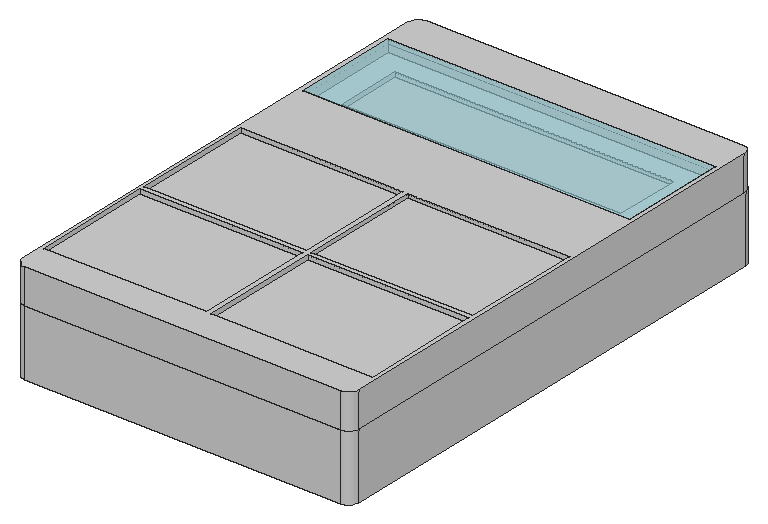
Revit family "Building-QuadriIEC309-GEWISS-68QDIN-QUADRI-PRESE-14MOD_4PRESE_IB_ORIZ", category Apparecchi elettrici, host Superficie, Revit 2019
Family settings
  Host = Superficie
  Mantenere orientamento annotazione = Sì
  Quota connettore circolare = Usa diametro
  Tipo di parte = Normale
  Taglio con vuoti quando caricato = No
  Condiviso = No
  Punto di calcolo locali = Sì
Parameters (values of type "GW68009N - Q-DIN 14M 4FLANGE PR.BL.OR.SBF IP65")
  visibilita posizionamento 2d [instance] = yes
  simbolo 2d [instance] = yes
  oggetto in pianta [instance] = not(visibilita posizionamento 2d)  # no
  distanza_simbolo [instance] = 0.1 mm
  bordo acceso [instance] = yes
  Visibilità sportello [instance] = yes
  Versione file RFA = "21.5"
  VETRO = Vetro
  URL = "https://www.gewiss.com/it/it"
  Tipologia di installazione = "Da parete"
  Tipo versione = "Vuoto"
  Termopressione con biglia = "70 °C"
  Temperatura di utilizzo = "-25 +40 °C"
  Temperatura di funzionamento = "-25 ÷ +40 °C"
  Spostamento_effettivo_S [instance] = 4000 mm - Spostamento_S  # 3000 mm
  Spostamento_S = 1000 mm
  Simbolo_quadro [instance] = not(simbolo 2d)  # no
  Scheda Tecnica = "https://www.gewiss.com/it/it/search?q=GW68009N"
  STRUTTURA ALTA = Poche
  STRUTTURA = RAL - 7035
  SEO = "Quadretto"
  Resistenza agli urti = "IK08"
  Default Elevation = 1219.2 mm
  Produttore = "GEWISS S.p.A."
  Potenza dissipabile B (W) = "64"
  Potenza dissipabile A (W) = "24"
  PRESA = rosso
  POMELLO = bianco
  N_Moduli = 14 mm
  N. prese alloggiabili = "4 IB Orizz. 16/32 A SBF IP44"
  N. prese IB alloggiabili: = "4 IB Orizz. 16/32 A SBF IP44"
  N. mod. EN 50022 = "14"
  N. flange in dotazione = "2 IB 16/32 A"
  N. coperchi ciechi in dotazione = "2 IB 16/32 A"
  N. IEC 309/IB alloggiabili = "4 IB Orizz. 16/32 A SBF IP44"
  Modello = "GW68009N"
  L_Moduli = N_Moduli * 19  # 266 mm
  Immagine tipo = GW68009N.jpg
  IDT = "99915e0d-742e-4288-be31-3e8f2e4a73df"
  IDF = "14bb87c4-b455-42ea-803a-ce3560bfe06d"
  Grado di protezione = "IP65"
  Glow Wire Test = "650°C"
  Descrizione = "Q-DIN 14M 4FLANGE PR.BL.OR.SBF IP65"
  Creato da GEWISS S.p.A. = ""
  ConformitÃ  normativa = "EN 60208 - EN 60670-1 - IEC 60670-24"
  Colore = "Grigio RAL 7035"
  Codice Electrocod = "2242"
  Codice EAN = "8011564744806"
  Classe isolamento = "II"
  Catalogo Serie = "68 QDIN"
  Catalogo = "BUILDING"
  COBie.Tagnumber = ""
  COBie.CreatedOn = ""
  COBie.CreatebBy = ""
  COBie.ComponentRegisterItemID = ""
  COBie.Component.TagNumber = ""
  COBie.Component.Space = ""
  COBie.Component.SerialNumber = ""
  COBie.Component.InstallationDate = ""
  COBie.Component.Description = ""
  COBie.Component.BarCode = ""
Reference planes
  plane 1 "Centro (Fronte/Retro)": y = 0
  plane 2: z = 0
  plane 3 "Centro (Sinistra/Destra)": x = 0
  plane 4: x = -3000
  plane 5: x = 0
Forms (mm)
  Extrusion 1, solid, detail levels coarse
    sketch origin (0, 0, 0) x (1, 0, 0) y (0, 1, 0)
      loop
        line (-160, 0) -> (160, 0) -> (160, 478) -> (-160, 478) -> (-160, 0)
    from 0 to 96
Lines and regions (mm)
  Masking region 1, visible <- "visibilita posizionamento 2d"
    outline origin (0, 0, 0) x (1, 0, 0) y (0, 0, 1)
      loop
        line (-160, 0) -> (160, 0) -> (160, 96) -> (-160, 96) -> (-160, 0)
Dimensions and locks
  plane 4 to plane 3 "Centro (Sinistra/Destra)" = 3000 mm
  "Spostamento_effettivo_S": plane 4 to plane 5
  aligned and locked: plane 2 to host face
  aligned and locked: level to host face
  aligned and locked: nested 1 to plane 5
  aligned and locked: nested 3 to plane 5
  aligned and locked: nested 2 to plane 5
  aligned and locked: plane 1 "Centro (Fronte/Retro)" to nested 2
  aligned and locked: Extrusion 1 sketch curve to nested 2  (x4)
  aligned and locked: Extrusion 1 to nested 2
Automatic sketch dimensions
  host sketch curve to host sketch curve = 2438.4 mm  (x2)
  Masking region 1 sketch curve to level = 0 mm
  Masking region 1 sketch curve to plane 3 "Centro (Sinistra/Destra)" = 160 mm
  plane 3 "Centro (Sinistra/Destra)" to Masking region 1 sketch curve = 160 mm
  Masking region 1 sketch curve to Masking region 1 sketch curve = 96 mm
Nested families
  nested 1: "CENTRALINO" at (0, 737.795, 0), BORDO ACCESO <- "bordo acceso", SIMBOLO ACCESO <- "simbolo 2d", Distanza dal muro <- "distanza_simbolo", visible <- "simbolo 2d", type "CENTRALINO"
    with SIMBOLO ACCESO yes, Distanza dal muro 0.1 mm, BORDO ACCESO yes
  nested 2: "68QDIN14 QUADRO DISTRIBUZ X 4 PRESE IND ORIZ_BASE" at (0, 316, 0), Visibilita sportello <- "Visibilità sportello", type "68QDIN14 QUADRO DISTRIBUZ X 4 PRESE IND ORIZ_BASE", detail levels medium+fine
  nested 3: "simb_CENTRALINO_BASE_cad pro" at (0, 737.795, 0), Distanza dal muro <- "distanza_simbolo", visible <- "Simbolo_quadro", SIMBOLO ACCESO <- "Simbolo_quadro", type "simb_CENTRALINO_BASE_cad pro"
    with SIMBOLO ACCESO no, Distanza dal muro 0.1 mm, BORDO ACCESO yes
Definition of nested family "68QDIN14 QUADRO DISTRIBUZ X 4 PRESE IND ORIZ_BASE"
  Parameters (values of type "68QDIN14 QUADRO DISTRIBUZ X 4 PRESE IND ORIZ_BASE")
    n_moduli = 105 mm
    h_moduli = 64 mm
    Visibilita sportello [instance] = yes
    Vetro = none
    Struttura = none
    Spessore = 96 mm
    Default Elevation = 14 mm
    Presa = none
    Larghezza = 320 mm
    IFC.TypeObject = ""
    IFC.ExportType = ""
    IFC.ExportAs = ""
    H_da terra = 589.057 mm
    COBie.CreatedOn = ""
    COBie.CreatebBy = ""
    COBie.ComponentRegisterItemID = ""
    COBie.Component.TagNumber = ""
    COBie.Component.Space = ""
    COBie.Component.SerialNumber = ""
    COBie.Component.InstallationDate = ""
    COBie.Component.Description = ""
    COBie.Component.BarCode = ""
    Altezza scatole = 350 mm
    Altezza quadro = 150 mm
    Altezza = 258 mm
  Reference planes
    plane 1 "Centro (Fronte/Retro)": y = 0
    plane 2: z = 0
    plane 3 "Centro (Sinistra/Destra)": x = 0
    plane 4: z = 69.589
    plane 5: z = 115.626
    plane 6: z = 63
    plane 7: x = -160
    plane 8: x = 160
    plane 9: x = -156
    plane 10: x = 156
    plane 11: y = 123.21
    plane 12: y = 21.246
    plane 13: y = 0
    plane 14: y = -166
    plane 15: y = -51
    plane 16: y = -316
    plane 17: y = 162
    plane 18: z = 58
    plane 19: y = 103
    plane 20: y = 39
    plane 21: x = -52.5
    plane 22: x = 52.5
    plane 23: z = 92.059
    plane 24: z = 96
    plane 25 "posizionamento moduli": z = 84.734
    plane 26: z = 80.558
    plane 27: y = 71
    plane 28: x = -157.25
    plane 29: x = 158.1
    plane 30: x = -2.25
    plane 31: x = 156
    plane 32: y = -170.115
    plane 33: x = 2
  Forms (mm)
    Extrusion 1, solid, material <- "Struttura"
      sketch origin (0, -857.311, 0) x (1, 0, 0) y (0, 1, 0)
        loop
          arc (-150, 1019.311) -> (-157.071, 1016.382) -> (-160, 1009.311) r 10
          line (-160, 1009.311) -> (-160, 551.311)
          arc (-160, 551.311) -> (-157.071, 544.24) -> (-150, 541.311) r 10
          line (-150, 541.311) -> (150, 541.311)
          arc (150, 541.311) -> (157.071, 544.24) -> (160, 551.311) r 10
          line (160, 551.311) -> (160, 1009.311)
          arc (160, 1009.311) -> (157.071, 1016.382) -> (150, 1019.311) r 10
          line (150, 1019.311) -> (-150, 1019.311)
      from 63 to 96
    Extrusion 2, solid, material <- "Struttura"
      sketch origin (0, -857.311, 0) x (1, 0, 0) y (0, 1, 0)
        loop
          line (152.45, 1019.311) -> (-156.38, 1019.311)
          arc (-156.38, 1019.311) -> (-158.94, 1018.251) -> (-160, 1015.691) r 3.62
          line (-160, 1015.691) -> (-160, 551.311)
          arc (-160, 551.311) -> (-157.071, 544.24) -> (-150, 541.311) r 10
          line (-150, 541.311) -> (150, 541.311)
          arc (150, 541.311) -> (157.071, 544.24) -> (160, 551.311) r 10
          line (160, 551.311) -> (160, 1011.76)
          arc (160, 1011.76) -> (157.789, 1017.099) -> (152.45, 1019.311) r 7.55
      from 0 to 63
    Extrusion 3, void
      sketch origin (0, -857.311, 0) x (1, 0, 0) y (0, 1, 0)
        loop
          line (-156, 980.52) -> (-156, 878.557) -> (156, 878.557) -> (156, 980.52) -> (-156, 980.52)
      from 69.589 to 96
    Extrusion 4, solid, material <- "Vetro", visible <- "Visibilita sportello", detail levels fine
      sketch origin (0, -857.311, 0) x (1, 0, 0) y (0, 1, 0)
        loop
          line (-156, 980.52) -> (-156, 878.557) -> (156, 878.557) -> (156, 980.52) -> (-156, 980.52)
      from 92.059 to 96
    Extrusion 5, void
      sketch origin (0, 0, 0) x (1, 0, 0) y (0, 1, 0)
        loop
          line (-52.5, 39) -> (52.5, 39) -> (52.5, 103) -> (-52.5, 103) -> (-52.5, 39)
      from 80.558 to 84.734
    Extrusion 6, solid
      sketch origin (0, 0, 0) x (1, 0, 0) y (0, 1, 0)
        loop
          line (-156, 123.21) -> (-156, 21.246) -> (156, 21.246) -> (156, 123.21) -> (-156, 123.21)
      from 80.558 to 84.734
    Extrusion 7, void
      sketch origin (0, 0, 84.734) x (0, -1, 0) y (1, 0, 0)
        loop
          line (51, -157.25) -> (166, -157.25) -> (166, -2.25) -> (51, -2.25) -> (51, -157.25)
        loop
          line (51, 2) -> (166, 2) -> (166, 156) -> (51, 156) -> (51, 2)
      from 7.325 to 11.266
    Extrusion 8, void
      sketch origin (0, -119.115, 84.734) x (0, -1, 0) y (1, 0, 0)
        loop
          line (51, -157.25) -> (166, -157.25) -> (166, -2.25) -> (51, -2.25) -> (51, -157.25)
        loop
          line (51, 2) -> (166, 2) -> (166, 156) -> (51, 156) -> (51, 2)
      from 7.325 to 11.266
  Cuts and joins
    Extrusion 3, Extrusion 7, Extrusion 8 cuts Extrusion 1
    Extrusion 5 cuts Extrusion 6
    Extrusion 5 cuts Extrusion 4
  Lines and regions (mm)
    model lines
      curve 1: line (-52.5, 71, 84.734) -> (52.5, 71, 84.734)
  Dimensions and locks
    plane 4 to plane 5 = 46.036 mm
    locked: plane 7 to plane 9 at 4
    locked: plane 10 to plane 8 at 4
    equal spacing: plane 7, plane 3 "Centro (Sinistra/Destra)", plane 8
    "Larghezza": plane 7 to plane 8
    plane 13 to plane 15 = 51 mm
    plane 1 "Centro (Fronte/Retro)" to plane 17 = 162 mm
    plane 16 to plane 13 = 316 mm
    plane 12 to plane 1 "Centro (Fronte/Retro)" = 21.246 mm
    plane 11 to plane 17 = 38.79 mm
    locked: plane 6 to plane 18 at 5
    locked: plane 17 to plane 19 at 59
    "h_moduli": plane 19 to plane 20
    equal spacing: plane 21, plane 3 "Centro (Sinistra/Destra)", plane 22
    "n_moduli": plane 21 to plane 22
    locked: plane 24 to plane 23 at 3.941
    plane 6 to plane 2 = 63 mm
    locked: plane 23 to plane 25 "posizionamento moduli" at 7.325
    locked: plane 25 "posizionamento moduli" to plane 26 at 4.176
    equal spacing: plane 19, plane 27, plane 20
    locked: plane 29 to plane 8 at 1.9
    plane 28 to plane 30 = 155 mm  (x2)
    plane 15 to plane 14 = 115 mm
    locked: plane 14 to plane 32 at 4.115
    locked: plane 3 "Centro (Sinistra/Destra)" to plane 33 at 2
    radius of Extrusion 2 sketch curve = 10 mm  (x2)
    radius of Extrusion 2 sketch curve = 3.62 mm
    radius of Extrusion 2 sketch curve = 7.55 mm
    radius of Extrusion 1 sketch curve = 10 mm  (x4)
    aligned and locked: level to plane 2
    aligned and locked: cut or joined group of Extrusion 1, Extrusion 3, Extrusion 7, Extrusion 8 to plane 4
    aligned and locked: plane 7 to Extrusion 2 sketch curve
    aligned and locked: plane 8 to Extrusion 2 sketch curve
    aligned and locked: plane 8 to Extrusion 1 sketch curve
    aligned and locked: plane 7 to Extrusion 1 sketch curve
    aligned and locked: Extrusion 4 sketch curve to plane 9
    aligned and locked: Extrusion 4 sketch curve to plane 10
    aligned and locked: Extrusion 3 sketch curve to plane 9
    aligned and locked: Extrusion 3 sketch curve to plane 10
    aligned and locked: Extrusion 4 sketch curve to plane 11
    aligned and locked: Extrusion 4 sketch curve to plane 12
    aligned and locked: Extrusion 3 sketch curve to plane 11
    aligned and locked: Extrusion 3 sketch curve to plane 12
    aligned and locked: plane 16 to Extrusion 2 sketch curve
    aligned and locked: plane 1 "Centro (Fronte/Retro)" to plane 13
    aligned and locked: plane 17 to Extrusion 1 sketch curve
    aligned and locked: Extrusion 5 sketch curve to plane 21
    aligned and locked: Extrusion 5 sketch curve to plane 19
    aligned and locked: Extrusion 5 sketch curve to plane 20
    aligned and locked: Extrusion 5 sketch curve to plane 22
    aligned and locked: plane 25 "posizionamento moduli" to Extrusion 5
    aligned and locked: Extrusion 5 to plane 26
    aligned and locked: Extrusion 6 sketch curve to plane 11
    aligned and locked: Extrusion 6 sketch curve to plane 12
    aligned and locked: Extrusion 6 to plane 26
    aligned and locked: plane 25 "posizionamento moduli" to Extrusion 6
    aligned and locked: Extrusion 6 sketch curve to Extrusion 4  (x2)
    aligned and locked: plane 27 to curve 1
    aligned and locked: plane 16 to Extrusion 1 sketch curve
    aligned and locked: Extrusion 2 sketch curve to plane 17
    aligned and locked: Extrusion 7 sketch curve to plane 15
    aligned and locked: Extrusion 7 sketch curve to plane 28
    aligned and locked: Extrusion 7 sketch curve to plane 30
    aligned and locked: Extrusion 7 sketch curve to plane 31
    aligned and locked: Extrusion 1 to Extrusion 7
    aligned and locked: Extrusion 7 to plane 23
    aligned and locked: Extrusion 7 sketch curve to plane 14  (x2)
    aligned and locked: plane 33 to Extrusion 7 sketch curve
  Automatic sketch dimensions
    curve 1 to plane 21 = 0 mm
    curve 1 to plane 22 = 0 mm
    plane 15 to Extrusion 7 sketch curve = 0 mm
    Extrusion 8 sketch curve to plane 28 = 0 mm
    Extrusion 8 sketch curve to plane 32 = 0 mm  (x2)
    Extrusion 8 sketch curve to plane 10 = 0 mm
    Extrusion 8 sketch curve to plane 33 = 0 mm
    Extrusion 8 sketch curve to plane 30 = 0 mm
    Extrusion 8 sketch curve to plane 16 = 30.885 mm  (x2)
Definition of nested family "CENTRALINO"
  Parameters (values of type "CENTRALINO")
    SIMBOLO ACCESO [instance] = yes
    Distanza dal muro [instance] = 0 mm
    BORDO ACCESO [instance] = yes
  Reference planes
    plane 1: y = 0
    plane 2: x = 0
  Dimensions and locks
    "Distanza dal muro": plane 1 to nested 1
    aligned and locked: plane 2 to nested 1
  Nested families
    nested 1: "CENTRALINO_BASE" at (0, 0, 0), BORDO ACCESO <- "BORDO ACCESO", visible <- "SIMBOLO ACCESO", type "CENTRALINO"
      with BORDO ACCESO yes
  Definition of nested family "CENTRALINO_BASE"
    Parameters (values of type "CENTRALINO")
      Distanza dal muro = 0 mm
      BORDO ACCESO [instance] = yes
    Reference planes
      plane 1: y = 0
      plane 2: x = 0
    Lines and regions (mm)
      detail lines, visible <- "BORDO ACCESO", not visible
        curve 1: line (-2.443, 10.208, 0) -> (2.057, 10.208, 0)
        curve 2: line (2.057, 10.208, 0) -> (2.057, 4.208, 0)
        curve 3: line (2.057, 4.208, 0) -> (-2.443, 4.208, 0)
        curve 4: line (-2.443, 4.208, 0) -> (-2.443, 10.208, 0)
        curve 5: line (-2.043, 9.808, 0) -> (1.657, 9.808, 0)
        curve 6: line (1.657, 9.808, 0) -> (1.657, 4.608, 0)
        curve 7: line (1.657, 4.608, 0) -> (-2.043, 4.608, 0)
        curve 8: line (-2.043, 4.608, 0) -> (-2.043, 9.808, 0)
      detail lines
        curve 9: line (0, 0.671, 0) -> (0, 0, 0)
        curve 10: line (0.659, 0.671, 0) -> (0.659, 1.33, 0)
        curve 11: line (0.659, 1.33, 0) -> (-0.659, 1.33, 0)
        curve 12: line (-0.659, 1.33, 0) -> (-0.659, 0.671, 0)
        curve 13: line (-0.659, 0.671, 0) -> (0.659, 0.671, 0)
        curve 14: line (0.497, 1.33, 0) -> (0.497, 2, 0)
        curve 15: line (0.167, 1.33, 0) -> (0.167, 2, 0)
        curve 16: line (-0.162, 1.33, 0) -> (-0.162, 2, 0)
        curve 17: line (-0.491, 1.33, 0) -> (-0.491, 2, 0)
Definition of nested family "simb_CENTRALINO_BASE_cad pro"
  Parameters (values of type "simb_CENTRALINO_BASE_cad pro")
    SIMBOLO ACCESO [instance] = yes
    Distanza dal muro [instance] = 0 mm
    BORDO ACCESO [instance] = yes
  Reference planes
    plane 1: y = 0
    plane 2: x = 0
  Dimensions and locks
    "Distanza dal muro": plane 1 to nested 1
    aligned and locked: plane 2 to nested 1
  Nested families
    nested 1: "CENTRALINO_BASE_cad pro" at (0, 0, 0), type "CENTRALINO"
  Definition of nested family "CENTRALINO_BASE_cad pro"
    Parameters (values of type "CENTRALINO")
      Distanza dal muro = 0 mm
    Reference planes
      plane 1: y = 0
      plane 2: x = 0
    Lines and regions (mm)
      detail lines
        curve 1: line (1.33, 1.33, 0) -> (2.109, 1.33, 0)
        curve 2: line (2.109, 1.33, 0) -> (2.109, 0, 0)
        curve 3: line (2.109, 0, 0) -> (1.33, 0, 0)
        curve 4: line (1.33, 0, 0) -> (-1.33, 1.33, 0)
        curve 5: line (-1.33, 1.33, 0) -> (1.33, 1.33, 0)
        curve 6: line (1.33, 1.33, 0) -> (1.33, 0, 0)
        curve 7: line (1.33, 0, 0) -> (-1.33, 0, 0)
        curve 8: line (-1.33, 0, 0) -> (-1.33, 1.33, 0)
        curve 9: line (1.461, 0.665, 0) -> (1.977, 0.665, 0)
        curve 10: line (1.719, 0.665, 0) -> (1.719, 1.01, 0)
        curve 11: arc (1.977, 0.406, 0) -> (1.719, 0.665, 0) -> (1.461, 0.406, 0) r 0.258
